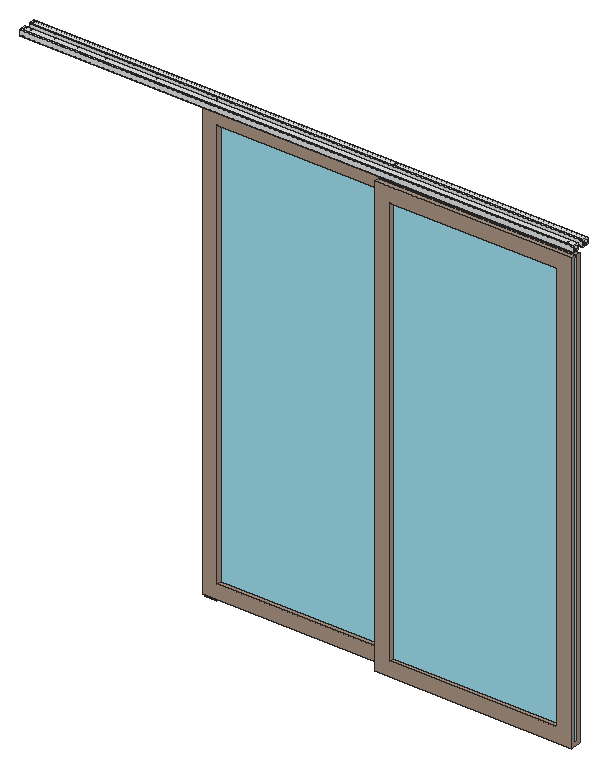
Revit family "Slido 2 Panel Slide SWW2 XRDLP", category Doors, host Wall, Revit 2016
Family settings
  Host = Wall
  Always vertical = Yes
  Cut with Voids When Loaded = No
  Shared = No
  Room Calculation Point = No
Parameters (values of type "94 3/8"x 78 1/2"")
  URL = "www.raydoor.com"
  Type Image = SWW2.jpg
  Trim GC [instance] = no
  Thickness = 2 1/4"  # constant formula
  Rough Width = 1"  # constant formula
  Rough Height = 161"
  Model = "SWW2"
  Function = Interior
  Door Material = Door - Panel
  Panel Material = Glass, Cast, Gray
  Height = 94 3/8"
  Trim Projection Ext = 63/64"  # constant formula
  Typ = 3"  # constant formula
  Wall Closure = By host
  Width = 78 1/2"
  Assembly Code = "SWW2 XRDLP"
Reference planes (in)
  plane 1: y = 0
  plane 2: z = 0
  plane 3: x = 0
  plane 4: x = -39.25
  plane 5: x = 39.25
  plane 6: z = 94.375
  plane 7: y = -5.4971
  plane 8: z = 93.1875
  plane 9: x = 36.25
  plane 10: x = 37.75
  plane 11: x = -1.75001
  plane 12: x = -0.25001
  plane 13: x = 1.24999
  plane 14: x = -39.75002
  plane 15: x = -38.25002
  plane 16: x = -36.75002
  plane 17: y = -7.9971
  plane 18: x = -76.25003
  plane 19: y = -3.2471
  plane 20: x = -77.75003
  plane 21: x = -74.75003
  plane 22: y = -5.7471
  plane 23: z = 92.375
Forms (in)
  Extrusion 1, solid, material "Door - Panel" <- "Door Material"
    sketch origin (-58, -2.99773, 0.25) x (1, 0, 0) y (0, 0, 1)
      loop
        line (56.24999, 92.125) -> (56.24999, 0.37429) -> (97.25, 0.37429) -> (97.25, 92.125) -> (56.24999, 92.125)
      loop
        line (59.24999, 89.125) -> (59.24999, 3.37429) -> (94.25, 3.37429) -> (94.25, 89.125) -> (59.24999, 89.125)
    from 2.75101 to 4.99937
  Extrusion 2, solid, material "Glass, Cast, Gray" <- "Panel Material"
    sketch origin (-57.74997, -33.09978, 0.25) x (1, 0, 0) y (0, 0, 1)
      loop
        line (55.99997, 92.125) -> (55.99997, 1.24929) -> (96.99998, 1.24929) -> (96.99998, 92.125) -> (55.99997, 92.125)
    from -26.3494 to -26.10104
  Extrusion 3, solid, material "UHMW, White", detail levels medium+fine
    sketch origin (54.02771, -4.84793, 0.25) x (0, 1, 0) y (0, 0, 1)
      loop
        line (1.16168, -0.25) -> (1.16168, -0.0625) -> (0.59918, -0.0625) -> (0.59918, 0.75) -> (0.41168, 0.75) -> (0.41168, -0.0625) -> (-0.15082, -0.0625) -> (-0.15082, -0.25) -> (1.16168, -0.25)
      loop
        line (-0.04289, 93.90625) -> (-0.04289, 93.10447) -> (1.00562, 93.10447) -> (1.00562, 93.90625) -> (-0.04289, 93.90625)
    from -93.77772 to -91.27772
  Extrusion 4, solid, material "Door - Panel" <- "Door Material", visible <- "Trim GC"
    sketch origin (-72.24213, -3.10465, -17.28113) x (1, 0, 0) y (0, 0, 1)
      loop
        line (-4.0079, 108.40613) -> (111.49213, 108.40613) -> (111.49213, 111.65613) -> (-4.0079, 111.65613) -> (-4.0079, 108.40613)
    from 4.89246 to 5.38918
  Extrusion 5, solid, material "UHMW, White"
    sketch origin (0, 37.0452, -9.0893) x (0, 1, 0) y (0, 0, 1)
      loop
        line (-40.80455, 103.34523) -> (-40.84407, 103.34523)
        arc (-40.84407, 103.34523) -> (-40.90927, 103.30759) -> (-40.90927, 103.38288) r 0.04347
        line (-40.90927, 103.38288) -> (-40.90927, 103.4643) -> (-41.93277, 103.4643) -> (-41.93277, 103.38288)
        arc (-41.93277, 103.38288) -> (-41.93277, 103.30759) -> (-41.99798, 103.34523) r 0.04347
        line (-41.99798, 103.34523) -> (-42.03755, 103.34523) -> (-42.03755, 102.18957)
        arc (-42.03755, 102.18957) -> (-42.02627, 102.16234) -> (-41.99904, 102.15106) r 0.03851
        arc (-41.99904, 102.15106) -> (-41.95713, 102.17193) -> (-41.91529, 102.15091) r 0.05233
        line (-41.91529, 102.15091) -> (-41.7174, 102.15091) -> (-41.7174, 102.23084) -> (-41.93475, 102.24985) -> (-41.96636, 102.36784) -> (-41.96636, 103.22916) -> (-41.832, 103.24091) -> (-41.832, 103.37055) -> (-41.65813, 103.37055) -> (-41.65813, 103.27372) -> (-41.59885, 103.27372) -> (-41.59885, 103.37055) -> (-41.24319, 103.37055) -> (-41.24319, 103.27372) -> (-41.18392, 103.27372) -> (-41.18392, 103.37055) -> (-41.01004, 103.37055) -> (-41.01004, 103.24091) -> (-40.87568, 103.22916) -> (-40.87568, 102.36784) -> (-40.90729, 102.24985) -> (-41.12464, 102.23084) -> (-41.12464, 102.15084) -> (-40.92672, 102.15084)
        arc (-40.92672, 102.15084) -> (-40.88484, 102.17182) -> (-40.84295, 102.15084) r 0.0523
        arc (-40.84295, 102.15084) -> (-40.8158, 102.16209) -> (-40.80455, 102.18925) r 0.0384
        line (-40.80455, 102.18925) -> (-40.80455, 103.34523)
    from -76.25003 to 39.25
  Extrusion 6, void
    sketch origin (-58, -15.26431, -90.75) x (1, 0, 0) y (0, 0, 1)
      loop
        line (56.24999, 92.24929) -> (56.24999, 91.37429) -> (97.25, 91.37429) -> (97.25, 92.24929) -> (56.24999, 92.24929)
    from -8.51393 to -8.26557
  Extrusion 7, solid, material "UHMW, White"
    sketch origin (-41.44048, -3.96588, 94.125) x (0, -1, 0) y (1, 0, 0)
      loop
        circle (2.90704, 79.19048) r 0.125
    from -1.75 to 0.15625
  Extrusion 8, solid, material "Door - Panel" <- "Door Material"
    sketch origin (-99, -5.24836, 0.25) x (1, 0, 0) y (0, 0, 1)
      loop
        line (59.24998, 92.125) -> (59.24998, 0.37429) -> (100.24999, 0.37429) -> (100.24999, 92.125) -> (59.24998, 92.125)
      loop
        line (62.24998, 89.125) -> (62.24998, 3.37429) -> (97.24999, 3.37429) -> (97.24999, 89.125) -> (62.24998, 89.125)
    from -1.99962 to 0.24874
  Extrusion 9, solid, material "Glass, Cast, Gray" <- "Panel Material"
    sketch origin (-98.99995, -9.71211, 0.25) x (1, 0, 0) y (0, 0, 1)
      loop
        line (59.24993, 92.125) -> (59.24993, 1.24929) -> (100.24999, 1.24929) -> (100.24999, 92.125) -> (59.24993, 92.125)
    from -5.46336 to -5.215
  Extrusion 10, void
    sketch origin (-99, -17.51267, -90.75) x (1, 0, 0) y (0, 0, 1)
      loop
        line (59.24998, 92.24929) -> (59.24998, 91.37429) -> (100.24999, 91.37429) -> (100.24999, 92.24929) -> (59.24998, 92.24929)
    from -13.26393 to -13.01557
  Extrusion 11, solid, material "UHMW, White"
    sketch origin (0, 34.79684, -9.0893) x (0, 1, 0) y (0, 0, 1)
      loop
        line (-41.16028, 103.4643) -> (-42.18378, 103.4643) -> (-42.18378, 103.38288)
        arc (-42.18378, 103.38288) -> (-42.18378, 103.30759) -> (-42.24899, 103.34523) r 0.04347
        line (-42.24899, 103.34523) -> (-42.28851, 103.34523) -> (-42.28851, 102.18925)
        arc (-42.28851, 102.18925) -> (-42.27726, 102.16209) -> (-42.2501, 102.15084) r 0.0384
        arc (-42.2501, 102.15084) -> (-42.20822, 102.17182) -> (-42.16633, 102.15084) r 0.0523
        line (-42.16633, 102.15084) -> (-41.96841, 102.15084) -> (-41.96841, 102.23084) -> (-42.18576, 102.24985) -> (-42.21737, 102.36784) -> (-42.21737, 103.22916) -> (-42.08302, 103.24091) -> (-42.08302, 103.37055) -> (-41.90914, 103.37055) -> (-41.90914, 103.28596) -> (-41.84986, 103.28596) -> (-41.84986, 103.37055) -> (-41.4942, 103.37055) -> (-41.4942, 103.28596) -> (-41.43493, 103.28596) -> (-41.43493, 103.37055) -> (-41.26105, 103.37055) -> (-41.26105, 103.24091) -> (-41.12669, 103.22916) -> (-41.12669, 102.36784) -> (-41.15831, 102.24985) -> (-41.37565, 102.23084) -> (-41.37565, 102.15084) -> (-41.17774, 102.15084)
        arc (-41.17774, 102.15084) -> (-41.13585, 102.17182) -> (-41.09396, 102.15084) r 0.0523
        arc (-41.09396, 102.15084) -> (-41.06681, 102.16209) -> (-41.05556, 102.18925) r 0.0384
        line (-41.05556, 102.18925) -> (-41.05556, 103.34523) -> (-41.09508, 103.34523)
        arc (-41.09508, 103.34523) -> (-41.16028, 103.30759) -> (-41.16028, 103.38288) r 0.04347
        line (-41.16028, 103.38288) -> (-41.16028, 103.4643)
    from -76.25003 to 39.25
  Extrusion 12, solid, material "UHMW, White"
    sketch origin (-92.86615, -16.78774, 94.125) x (0, -1, 0) y (1, 0, 0)
      loop
        circle (-12.41192, 92.61614) r 0.125
    from -1.75 to 0.25
Cuts and joins
  Extrusion 6, Extrusion 10 cuts Extrusion 1
  Extrusion 10 cuts Extrusion 2
  Extrusion 10 cuts Extrusion 8
  Extrusion 10 cuts Extrusion 9
Lines and regions (in)
  Opening 1
    outline origin (-60, -2.99773, 144) x (0, 0, -1) y (1, 0, 0)
      loop
        line (49.625, 20.75) -> (144, 20.75) -> (144, 99.25) -> (49.625, 99.25) -> (49.625, 20.75)
  Masking region 1
    outline origin (-7.24693, 27.04592, 0) x (1, 0, 0) y (0, 1, 0)
      loop
        line (-29.50308, -35.04303) -> (-29.50308, -32.79303) -> (-70.50309, -32.79303) -> (-70.50309, -35.04303) -> (-29.50308, -35.04303)
  Masking region 2
    outline origin (-7.24693, 29.28975, 0) x (1, 0, 0) y (0, 1, 0)
      loop
        line (-29.50308, -34.78685) -> (-29.50308, -32.53685) -> (-70.50309, -32.53685) -> (-70.50309, -34.78685) -> (-29.50308, -34.78685)
  symbolic lines, style "Elevation Swing"
    curve 1: line (-24.12555, 0, 37.98833) -> (17.25, 0, 37.98833)
    curve 2: line (17.37445, 0, 32.79755) -> (-23.62555, 0, 32.79755)
    curve 3: line (-24.12555, 0, 37.98833) -> (-16.79543, 0, 40.48833)
    curve 4: line (12.1783, 0, 29.79755) -> (17.37445, 0, 32.79755)
  symbolic lines, style "Plan Swing"
    curve 5: line (24.25, -14.55466, 0) -> (8.5, -14.55466, 0)
    curve 6: line (8.5, -14.55466, 0) -> (10.62132, -12.43334, 0)
    curve 7: line (24.25, -16.07364, 0) -> (8.5, -16.07364, 0)
    curve 8: line (22.12868, -18.19496, 0) -> (24.25, -16.07364, 0)
  model lines
    curve 9: line (-39.25, 3.00227, 0) -> (39.25, 3.00227, 0)
Dimensions and locks (in)
  equal spacing: plane 4, plane 3, plane 5
  "Width": plane 4 to plane 5
  "Height": plane 6 to plane 2
  Extrusion 1 to Extrusion 1 = 41"
  Extrusion 1 to plane 3 to Extrusion 1 = 1 3/4", 39 1/4"
  locked: host wall to plane 19 at 0.24937
  locked: plane 6 to plane 8 at 1.1875
  plane 6 to Extrusion 1 = 2"
  "Typ": Extrusion 1 sketch curve to Extrusion 1 sketch curve  (x2)
  locked: Extrusion 2 to Extrusion 2 at 0.24836
  plane 4 to Extrusion 1 = 37 1/2"
  plane 5 to Extrusion 1 = 0"
  plane 6 to Extrusion 4 = 3 1/4"
  Extrusion 4 to plane 7 = 2.99672"
  Extrusion 4 sketch curve to Extrusion 1 = 74 1/2"
  Extrusion 4 to plane 7 = 2 1/2"
  locked: Extrusion 3 to Extrusion 3 at 2.5
  Extrusion 3 sketch curve to Extrusion 3 sketch curve = 3/16"
  locked: Extrusion 2 sketch curve to Extrusion 1 at 0.875
  locked: Extrusion 6 to Extrusion 6 at 0.24836
  equal spacing: plane 9, plane 10, plane 5, locked at 1.5 each
  "Typ": plane 9 to plane 5
  equal spacing: plane 11, plane 12, plane 13, locked at 1.5 each
  "Typ": plane 11 to plane 13
  equal spacing: plane 14, plane 15, plane 16, locked at 1.5 each
  "Typ": plane 14 to plane 16
  "Typ": Extrusion 8 sketch curve to Extrusion 8 sketch curve  (x2)
  locked: Extrusion 9 to Extrusion 9 at 0.24836
  locked: Extrusion 8 to Extrusion 9 at 1
  locked: Extrusion 9 sketch curve to Extrusion 8 at 0.875
  locked: Extrusion 10 to Extrusion 10 at 0.24836
  "Thickness": plane 22 to plane 17
  locked: Extrusion 7 sketch curve to plane 5 at 1.375
  locked: Extrusion 12 sketch curve to plane 7 at 1.24629
  locked: plane 11 to Extrusion 12 sketch curve at 1.625
  locked: plane 22 to Extrusion 7 sketch curve at 1.25082
  "Thickness": plane 19 to plane 7
  "Typ": plane 20 to plane 21
  equal spacing: plane 20, plane 18, plane 21, locked at 1.5 each
  equal spacing: plane 18, plane 15, plane 12, plane 10
  locked: cut or joined group of Extrusion 9, Extrusion 10 to cut or joined group of Extrusion 8, Extrusion 10 at 1
  locked: plane 7 to plane 22 at 0.25
  locked: Extrusion 3 sketch curve to Extrusion 3 sketch curve at 0.5625  (x2)
  locked: cut or joined group of Extrusion 2, Extrusion 10 to plane 17 at 0.99836
  locked: plane 22 to cut or joined group of Extrusion 2, Extrusion 10 at 1.00164
  locked: Extrusion 3 sketch curve to Extrusion 3 sketch curve at 0.1875
  plane 23 to plane 6 = 2"
  cut or joined group of Extrusion 1, Extrusion 6, Extrusion 10 to level = 0.62429"
  locked: Extrusion 7 to Extrusion 11 sketch curve at 0.09375
  cut or joined group of Extrusion 8, Extrusion 10 to cut or joined group of Extrusion 8, Extrusion 10 = 2.24836"
  cut or joined group of Extrusion 8, Extrusion 10 to cut or joined group of Extrusion 1, Extrusion 6, Extrusion 10 = 0.25164"
  plane 22 to plane 17 = 2 1/4"
  host wall to plane 19 = 0.24937"
  cut or joined group of Extrusion 8, Extrusion 10 to cut or joined group of Extrusion 1, Extrusion 6, Extrusion 10 = 4.74836"
  Extrusion 5 to Extrusion 5 = 1.233"
  Extrusion 11 to Extrusion 11 = 1.23295"
  Extrusion 11 to plane 6 = 1.31346"
  diameter of Extrusion 7 sketch curve = 1/4"
  diameter of Extrusion 12 sketch curve = 1/4"
  aligned and locked: Extrusion 1 to Extrusion 2
  aligned and locked: plane 5 to curve 9
  aligned and locked: Extrusion 4 to plane 6
  aligned and locked: Opening 1 sketch curve to plane 5
  aligned and locked: Opening 1 sketch curve to plane 4
  aligned and locked: Extrusion 3 sketch curve to Extrusion 3 sketch curve
  aligned and locked: Extrusion 1 to Extrusion 6  (x2)
  aligned and locked: Extrusion 7 to Extrusion 5
  aligned and locked: cut or joined group of Extrusion 1, Extrusion 6, Extrusion 10 to Extrusion 2
  aligned and locked: Extrusion 2 to cut or joined group of Extrusion 1, Extrusion 6, Extrusion 10
  aligned and locked: cut or joined group of Extrusion 1, Extrusion 6, Extrusion 10 to plane 5
  aligned and locked: plane 9 to cut or joined group of Extrusion 1, Extrusion 6, Extrusion 10
  aligned and locked: cut or joined group of Extrusion 1, Extrusion 6, Extrusion 10 to plane 13
  aligned and locked: plane 11 to cut or joined group of Extrusion 1, Extrusion 6, Extrusion 10
  aligned and locked: Extrusion 8 to Extrusion 9
  aligned and locked: Extrusion 8 to Extrusion 10  (x2)
  aligned and locked: Extrusion 6 to host wall
  aligned and locked: cut or joined group of Extrusion 1, Extrusion 6, Extrusion 10 to Extrusion 10
  aligned and locked: plane 14 to Extrusion 8
  aligned and locked: plane 14 to Extrusion 9
  aligned and locked: cut or joined group of Extrusion 8, Extrusion 10 to plane 16
  aligned and locked: Masking region 1 to plane 17
  aligned and locked: Masking region 2 to plane 7
  aligned and locked: Extrusion 5 to host wall
  aligned and locked: plane 17 to Extrusion 4
  aligned and locked: Extrusion 11 to host wall
  aligned and locked: plane 18 to Extrusion 11
  aligned and locked: plane 18 to Extrusion 5
  aligned and locked: plane 18 to Extrusion 4
  aligned and locked: Extrusion 4 to plane 5
  aligned and locked: Extrusion 12 to plane 6
  aligned and locked: Masking region 1 to plane 16
  aligned and locked: Masking region 2 to plane 16
  aligned and locked: plane 20 to Masking region 1
  aligned and locked: plane 20 to Masking region 2
  aligned and locked: cut or joined group of Extrusion 9, Extrusion 10 to cut or joined group of Extrusion 8, Extrusion 10
  aligned and locked: plane 22 to Masking region 1
  aligned and locked: plane 14 to Extrusion 3
  aligned and locked: cut or joined group of Extrusion 8, Extrusion 10 to plane 7
  aligned and locked: cut or joined group of Extrusion 1, Extrusion 6, Extrusion 10 to plane 17
  aligned and locked: plane 22 to cut or joined group of Extrusion 1, Extrusion 6, Extrusion 10
  aligned and locked: cut or joined group of Extrusion 8, Extrusion 10 to Extrusion 3
  aligned and locked: cut or joined group of Extrusion 8, Extrusion 10 to plane 23
  aligned and locked: cut or joined group of Extrusion 1, Extrusion 6, Extrusion 10 to plane 23
  aligned and locked: Extrusion 5 to plane 6
  aligned and locked: plane 23 to Extrusion 12
  aligned and locked: plane 23 to Extrusion 7
  aligned and locked: Extrusion 11 to plane 6
Automatic sketch dimensions
  curve 3 to plane 16 = 12.62447"
  level to curve 3 = 37.98833"
  curve 4 to plane 13 = 16.12446"
  curve 1 to curve 4 = 5.19077"
  plane 11 to curve 3 = 15.04542"
  curve 3 to curve 1 = 2 1/2"
  curve 4 to plane 13 = 10.9283"
  curve 2 to curve 4 = 3"
  curve 1 to curve 2 = 1/2"
  curve 1 to curve 2 = 0.12445"
  Opening 1 sketch curve to plane 6 = 0"
  Opening 1 sketch curve to level = 0"
  plane 11 to Extrusion 1 sketch curve = 0"
  plane 13 to Extrusion 1 sketch curve = 0"
  plane 9 to Extrusion 1 sketch curve = 0"
  plane 5 to Extrusion 1 sketch curve = 0"
  Extrusion 1 sketch curve to plane 23 = 0"
  level to Extrusion 1 sketch curve = 3.62429"
  curve 5 to plane 13 = 7 1/4"
  plane 9 to curve 7 = 12"
  curve 7 to plane 17 = 8.07653"
  curve 7 to curve 6 = 1.51898"
  curve 7 to curve 5 = 0"
  curve 6 to plane 17 = 4.43623"
  curve 5 to curve 6 = 2.12132"
  curve 8 to curve 7 = 2.12132"  (x2)
  curve 5 to curve 7 = 0"
  Extrusion 2 sketch curve to plane 23 = 0"
  Extrusion 2 sketch curve to plane 11 = 0"
  Extrusion 2 sketch curve to plane 5 = 0"
  Extrusion 3 sketch curve to level = 0"
  plane 7 to Extrusion 3 sketch curve = 0.49836"
  Extrusion 3 sketch curve to plane 8 = 0.16697"
  plane 7 to Extrusion 3 sketch curve = 0.60629"
  plane 6 to Extrusion 3 sketch curve = 7/32"
  Extrusion 3 sketch curve to plane 19 = 0.5952"
  Extrusion 3 sketch curve to Extrusion 3 sketch curve = 13/16"
  curve 9 to level = 0"
  plane 4 to curve 9 = 0"
  Masking region 1 sketch curve to plane 17 = 0"
  Masking region 1 sketch curve to plane 20 = 0"
  Masking region 1 sketch curve to plane 16 = 0"
  Masking region 1 sketch curve to plane 22 = 0"
  plane 5 to Extrusion 4 sketch curve = 0"
  Extrusion 4 sketch curve to plane 6 = 0"
  plane 23 to Extrusion 4 sketch curve = 1 1/4"
  plane 11 to Extrusion 6 sketch curve = 0"
  plane 5 to Extrusion 6 sketch curve = 0"
  level to Extrusion 6 sketch curve = 0.62429"
  Extrusion 6 sketch curve to Extrusion 6 sketch curve = 7/8"
  plane 14 to Extrusion 8 sketch curve = 0"
  plane 16 to Extrusion 8 sketch curve = 0"
  Extrusion 8 sketch curve to plane 23 = 0"
  Extrusion 8 sketch curve to plane 11 = 0"
  Extrusion 8 sketch curve to plane 13 = 0"
  level to Extrusion 8 sketch curve = 3.62429"
  plane 14 to Extrusion 9 sketch curve = 0"
  Extrusion 9 sketch curve to plane 23 = 0"
  Extrusion 9 sketch curve to plane 13 = 0.00006"
  plane 14 to Extrusion 10 sketch curve = 0"
  plane 13 to Extrusion 10 sketch curve = 0"
  level to Extrusion 10 sketch curve = 0.62429"
  Extrusion 10 sketch curve to Extrusion 10 sketch curve = 7/8"
  Masking region 2 sketch curve to plane 7 = 0"
  Masking region 2 sketch curve to plane 20 = 0"
  Masking region 2 sketch curve to plane 16 = 0"
  Masking region 2 sketch curve to plane 19 = 0"
  Extrusion 5 sketch curve to plane 6 = 0"
  plane 8 to Extrusion 5 sketch curve = 0.08724"
  plane 7 to Extrusion 5 sketch curve = 0.50476"
  Extrusion 5 sketch curve to Extrusion 5 sketch curve = 0.03957"
  Extrusion 5 sketch curve to plane 8 = 0.09104"  (x2)
  Extrusion 5 sketch curve to Extrusion 5 sketch curve = 0.03268"
  Extrusion 5 sketch curve to Extrusion 5 sketch curve = 0.04182"
  Extrusion 5 sketch curve to Extrusion 5 sketch curve = 0.04347"  (x2)
  plane 8 to Extrusion 5 sketch curve = 0.02695"  (x2)
  Extrusion 5 sketch curve to Extrusion 5 sketch curve = 0.06429"
  Extrusion 5 sketch curve to Extrusion 5 sketch curve = 0.02173"  (x2)
  Extrusion 5 sketch curve to Extrusion 5 sketch curve = 0.04193"
  plane 6 to Extrusion 5 sketch curve = 0.22339"
  Extrusion 5 sketch curve to Extrusion 5 sketch curve = 0.19789"
  Extrusion 5 sketch curve to Extrusion 5 sketch curve = 0.17388"  (x2)
  plane 6 to Extrusion 5 sketch curve = 3/32"  (x3)
  Extrusion 5 sketch curve to Extrusion 5 sketch curve = 0.05928"  (x2)
  plane 8 to Extrusion 5 sketch curve = 0.04596"  (x2)
  Extrusion 5 sketch curve to Extrusion 5 sketch curve = 0.59276"
  Extrusion 5 sketch curve to Extrusion 5 sketch curve = 0.19792"
  Extrusion 5 sketch curve to Extrusion 5 sketch curve = 0.01943"
  Extrusion 5 sketch curve to Extrusion 5 sketch curve = 0.04189"  (x2)
  Extrusion 5 sketch curve to Extrusion 5 sketch curve = 0.01186"
  Extrusion 5 sketch curve to Extrusion 5 sketch curve = 0.03952"
  Extrusion 5 sketch curve to Extrusion 5 sketch curve = 0.00014"
  Extrusion 5 sketch curve to Extrusion 5 sketch curve = 0.09901"
  Extrusion 5 sketch curve to Extrusion 5 sketch curve = 0.03133"
  plane 6 to Extrusion 5 sketch curve = 0.23515"
  Extrusion 5 sketch curve to Extrusion 5 sketch curve = 0.01175"  (x2)
  Extrusion 5 sketch curve to Extrusion 5 sketch curve = 0.09683"  (x2)
  plane 6 to Extrusion 5 sketch curve = 0.11907"  (x2)
  Extrusion 5 sketch curve to Extrusion 5 sketch curve = 0.10077"  (x2)
  Extrusion 5 sketch curve to Extrusion 5 sketch curve = 0.03851"
  Extrusion 5 sketch curve to Extrusion 5 sketch curve = 0.35566"
  plane 17 to Extrusion 11 sketch curve = 0.50544"
  Extrusion 11 sketch curve to Extrusion 11 sketch curve = 0.0384"
  Extrusion 11 sketch curve to Extrusion 11 sketch curve = 0.03952"  (x2)
  Extrusion 11 sketch curve to Extrusion 11 sketch curve = 0.03273"
  Extrusion 11 sketch curve to Extrusion 11 sketch curve = 0.04189"  (x4)
  Extrusion 11 sketch curve to Extrusion 11 sketch curve = 0.04347"  (x2)
  Extrusion 11 sketch curve to Extrusion 11 sketch curve = 0.06434"
  Extrusion 11 sketch curve to Extrusion 11 sketch curve = 0.10077"  (x2)
  Extrusion 11 sketch curve to Extrusion 11 sketch curve = 0.19792"  (x2)
  Extrusion 11 sketch curve to Extrusion 11 sketch curve = 0.17388"  (x2)
  Extrusion 11 sketch curve to Extrusion 11 sketch curve = 0.05928"  (x2)
  Extrusion 11 sketch curve to Extrusion 11 sketch curve = 0.35566"
  Extrusion 11 sketch curve to Extrusion 11 sketch curve = 0.59276"
  Extrusion 11 sketch curve to Extrusion 11 sketch curve = 0.01943"
  Extrusion 11 sketch curve to Extrusion 11 sketch curve = 0.02173"  (x2)
  Extrusion 11 sketch curve to Extrusion 11 sketch curve = 0.03161"
  Extrusion 11 sketch curve to Extrusion 11 sketch curve = 0.09692"
  Extrusion 11 sketch curve to Extrusion 11 sketch curve = 0"  (x3)
  Extrusion 11 sketch curve to Extrusion 11 sketch curve = 0.10432"
  Extrusion 11 sketch curve to Extrusion 11 sketch curve = 0.04504"
  Extrusion 11 sketch curve to Extrusion 11 sketch curve = 0.01175"
  Extrusion 11 sketch curve to Extrusion 11 sketch curve = 0.11608"
  Extrusion 11 sketch curve to Extrusion 11 sketch curve = 0.86132"  (x2)
  Extrusion 11 sketch curve to Extrusion 11 sketch curve = 0.11799"  (x2)
  Extrusion 11 sketch curve to Extrusion 11 sketch curve = 0.01902"  (x2)
  Extrusion 11 sketch curve to Extrusion 11 sketch curve = 0.06061"  (x2)
  Extrusion 11 sketch curve to Extrusion 11 sketch curve = 0.03133"  (x2)
  Extrusion 11 sketch curve to Extrusion 11 sketch curve = 0.0846"
  Extrusion 11 sketch curve to Extrusion 11 sketch curve = 0.08143"  (x2)
